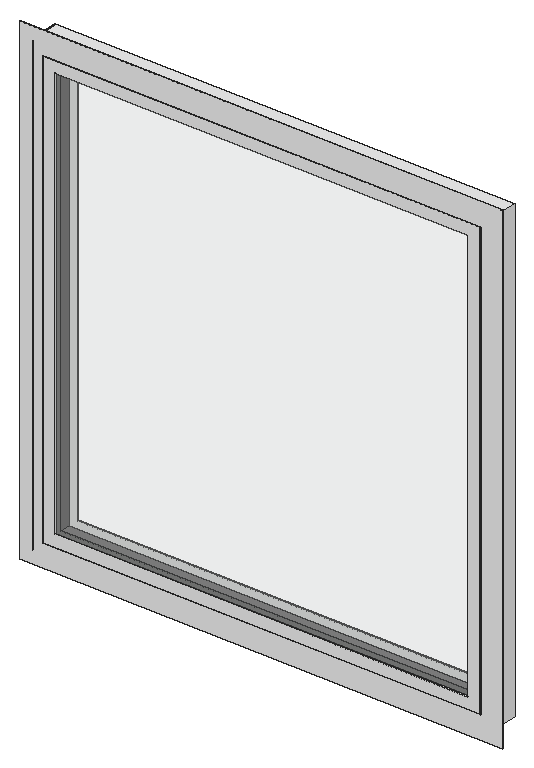
Revit family "Casement_36_E_Top_Hung_Custom", category Windows, host Wall, Revit 2014
Parameters (values of type "Casement_Sash_DG")
  Width Sash [instance] = 30 mm
  Width Sash Inner = 15 mm
  Width Bead = 15 mm
  Top Hung [instance] = yes
  Side Hung Right [instance] = yes
  Side Hung Left [instance] = yes
  Sash Opening Width [instance] = 600 mm
  Sash Opening Height [instance] = 600.312 mm
  Sash Lip = 15 mm
  Glazing Material [instance] = Glass
  DG Start Piece 2 [instance] = DG End Piece 1 + DG Gasket Thickness  # 25 mm
  DG Start Peice 1 [instance] = (Depth Sash - (2 * DG Glazing Thickness) - DG Gasket Thickness) / 2  # 6.6 mm
  Glazing Offset = 5 mm
  DG Glazing Thickness [instance] = 6.4 mm
  DG Gasket Thickness = 12 mm  # constant formula
  DG Gasket Material [instance] = Double Glazing Gasket Material
  DG End Piece 2 [instance] = DG Start Piece 2 + DG Glazing Thickness  # 31.4 mm
  DG End Piece 1 [instance] = DG Start Peice 1 + DG Glazing Thickness  # 13 mm
  Depth Sash [instance] = 38 mm
  Center Vertical Sash [instance] = Sash Opening Height / 2  # 300.156 mm
  Center Horizontal Sash [instance] = Sash Opening Width / 2  # 300 mm
  Bottom Hung [instance] = yes
  Bead Offset = 15 mm
  Aluminium Thickness = 1 mm
  Aluminium Material [instance] = White Powder Coated Aluminium
Reference planes
  plane 1 "Center (Front/Back)": y = 0
  plane 2: z = 0
  plane 3 "Center (Left/Right)": x = 0
Forms (mm)
  Sweep 1, solid, material "White Powder Coated Aluminium" <- "Aluminium Material"
    path origin (16.177, 0, 121.331) x (1, 0, 0) y (0, 0, 1)
      loop
        line (0, 0) -> (600, 0) -> (600, 600.312) -> (0, 600.312) -> (0, 0)
    profile origin (316.177, 0, 121.331) x (0, 0, 1) y (0, -1, 0)
      loop
        line (0, 0) -> (30, 0) -> (30, 1) -> (15, 1) -> (15, 38) -> (-15, 38) -> (-15, 37) -> (0, 37) -> (0, 0)
      loop
        line (14, 1) -> (14, 37) -> (1, 37) -> (1, 1) -> (14, 1)
  Sweep 2, solid, material "White Powder Coated Aluminium" <- "Aluminium Material"
    path origin (0, 0, 0) x (1, 0, 0) y (0, 0, 1)
      loop
        line (31.177, 706.643) -> (31.177, 136.331) -> (601.177, 136.331) -> (601.177, 706.643) -> (31.177, 706.643)
    profile origin (316.177, 0, 706.643) x (0, 0, 1) y (0, -1, 0)
      loop
        line (0, 37) -> (0, 38) -> (-15, 38) -> (-15, 37) -> (0, 37)
  Extrusion 3, solid, material "Glass" <- "Glazing Material"
    sketch origin (0, 0, 0) x (1, 0, 0) y (0, 0, 1)
      loop
        line (36.177, 701.643) -> (36.177, 141.331) -> (596.177, 141.331) -> (596.177, 701.643) -> (36.177, 701.643)
    from 6.6 <- "DG Start Peice 1" to 13 <- "DG End Piece 1"
  Extrusion 4, solid, material "Glass" <- "Glazing Material"
    sketch origin (0, 0, 0) x (1, 0, 0) y (0, 0, 1)
      loop
        line (36.177, 701.643) -> (36.177, 141.331) -> (596.177, 141.331) -> (596.177, 701.643) -> (36.177, 701.643)
    from 31.4 <- "DG End Piece 2" to 25 <- "DG Start Piece 2"
  Sweep 5, solid, material "Double Glazing Gasket Material" <- "DG Gasket Material"
    path origin (0, -13, 0) x (1, 0, 0) y (0, 0, 1)
      loop
        line (36.177, 701.643) -> (36.177, 141.331) -> (596.177, 141.331) -> (596.177, 701.643) -> (36.177, 701.643)
    profile origin (316.177, -13, 701.643) x (0, 0, 1) y (0, -1, 0)
      loop
        line (0, 0) -> (0, 12) -> (-7.96, 12) -> (-7.96, 0) -> (0, 0)
Lines and regions (mm)
  model lines
    curve 1: line (1.177, -38, 736.643) -> (31.177, -38, 706.643)
    curve 2: line (601.177, -38, 706.643) -> (631.177, -38, 736.643)
    curve 3: line (601.177, -38, 136.331) -> (631.177, -38, 106.331)
    curve 4: line (1.177, -38, 106.331) -> (31.177, -38, 136.331)
    curve 5: line (631.177, -37, 736.643) -> (616.177, -37, 721.643)
    curve 6: line (1.177, -37, 736.643) -> (16.177, -37, 721.643)
    curve 7: line (1.177, -37, 106.331) -> (16.177, -37, 121.331)
    curve 8: line (631.177, -37, 106.331) -> (616.177, -37, 121.331)
    curve 9: line (616.177, 0, 121.331) -> (586.177, 0, 151.331)
    curve 10: line (46.177, 0, 151.331) -> (16.177, 0, 121.331)
    curve 11: line (616.177, 0, 721.643) -> (586.177, 0, 691.643)
    curve 12: line (46.177, 0, 691.643) -> (16.177, 0, 721.643)
    curve 13: line (31.177, -38, 691.643) -> (46.177, -38, 691.643)
    curve 14: line (586.177, -38, 691.643) -> (601.177, -38, 691.643)
    curve 15: line (586.177, -38, 151.331) -> (601.177, -38, 151.331)
    curve 16: line (31.177, -38, 151.331) -> (46.177, -38, 151.331)
  model lines, style "GenericModelHiddenLines", visible <- "Top Hung"
    curve 17: line (46.386, -31.4, 690.914) -> (316.177, -31.4, 151.331)
    curve 18: line (316.177, -31.4, 151.331) -> (586.177, -31.4, 691.331)
  model lines, style "GenericModelHiddenLines", visible <- "Bottom Hung"
    curve 19: line (46.177, -31.4, 151.331) -> (316.177, -31.4, 691.331)
    curve 20: line (316.177, -31.4, 691.331) -> (586.177, -31.4, 151.331)
  model lines, style "GenericModelHiddenLines", visible <- "Side Hung Left"
    curve 21: line (46.386, -31.4, 690.914) -> (585.24, -31.4, 421.487)
    curve 22: line (585.24, -31.4, 421.487) -> (46.177, -31.4, 151.331)
  model lines, style "GenericModelHiddenLines", visible <- "Side Hung Right"
    curve 23: line (586.177, -31.4, 691.331) -> (46.177, -31.4, 421.487)
    curve 24: line (46.177, -31.4, 421.487) -> (586.177, -31.4, 151.331)
Dimensions and locks
  "Aluminium Thickness": Sweep 1 sketch curve to Sweep 1 sketch curve  (x4)
  "Depth Sash": Sweep 1 sketch curve to Sweep 1 sketch curve
  "Sash Opening Width": Sweep 1 to Sweep 1
  "Sash Opening Height": Sweep 1 to Sweep 1
  "Width Sash": Sweep 1 sketch curve to Sweep 1 sketch curve  (x2)
  "Width Sash Inner": Sweep 1 sketch curve to Sweep 1 sketch curve
  "Sash Lip": Sweep 1 sketch curve to Sweep 1 sketch curve
  "Aluminium Thickness": Sweep 1 to Sweep 2 sketch curve
  "Glazing Offset": Sweep 2 to Extrusion 3 sketch curve  (x3)
  "Glazing Offset": Extrusion 3 sketch curve to Sweep 2
  Sweep 1 to Sweep 1 = 1 mm
  "Aluminium Thickness": Sweep 2 sketch curve to Sweep 2 sketch curve
  "Width Bead": Sweep 2 sketch curve to Sweep 2 sketch curve
  locked: Sweep 5 sketch curve to Sweep 5 sketch curve at 7.96
  "Center Horizontal Sash": Sweep 1 to curve 18
  "Center Horizontal Sash": Sweep 1 to curve 20
  "Center Vertical Sash": Sweep 1 to curve 22
  "Center Vertical Sash": Sweep 1 to curve 24
  aligned and locked: level to plane 2
  aligned and locked: Sweep 1 sketch curve to Sweep 1 sketch curve  (x2)
  aligned and locked: Sweep 2 sketch curve to Sweep 1  (x5)
  aligned and locked: Extrusion 4 sketch curve to Extrusion 3  (x4)
  aligned and locked: Sweep 5 sketch curve to Extrusion 3  (x5)
  aligned and locked: Extrusion 3 to Sweep 5 sketch curve
Automatic sketch dimensions
  plane 3 "Center (Left/Right)" to Sweep 1 sketch curve = 16.177 mm
  level to Sweep 1 sketch curve = 121.331 mm
  plane 3 "Center (Left/Right)" to Sweep 1 sketch curve = 616.177 mm
  level to Sweep 1 sketch curve = 721.643 mm
  profile plane to Sweep 5 sketch curve = 12 mm
  curve 7 to Sweep 1 = 0 mm  (x4)
  curve 6 to Sweep 1 = 0 mm  (x3)
  Sweep 1 to curve 6 = 0 mm
  curve 5 to Sweep 1 = 0 mm  (x3)
  curve 8 to Sweep 1 = 0 mm  (x4)
  Sweep 1 to curve 5 = 0 mm
  curve 16 to Sweep 2 = 0 mm  (x3)
  curve 13 to Sweep 2 = 0 mm  (x3)
  curve 15 to Sweep 2 = 0 mm
  Sweep 2 to curve 15 = 0 mm  (x2)
  curve 14 to Sweep 2 = 0 mm  (x2)
  Sweep 2 to curve 14 = 0 mm
  curve 1 to Sweep 1 = 0 mm  (x4)
  curve 4 to Sweep 1 = 0 mm  (x3)
  Sweep 1 to curve 4 = 0 mm
  curve 3 to Sweep 1 = 0 mm  (x3)
  curve 2 to Sweep 1 = 0 mm  (x4)
  Sweep 1 to curve 3 = 0 mm
  curve 10 to Sweep 1 = 0 mm  (x4)
  curve 12 to Sweep 1 = 0 mm  (x3)
  Sweep 1 to curve 12 = 0 mm
  curve 9 to Sweep 1 = 0 mm  (x4)
  curve 11 to Sweep 1 = 0 mm  (x3)
  Sweep 1 to curve 11 = 0 mm
  Sweep 1 sketch curve to plane 1 "Center (Front/Back)" = 0 mm
  profile plane to Sweep 1 sketch curve = 0 mm
  curve 21 to Extrusion 4 = 10.208 mm
  curve 19 to Extrusion 4 = 10 mm
  curve 23 to Extrusion 4 = 10 mm  (x2)
  curve 22 to Extrusion 4 = 10.937 mm
  curve 20 to Extrusion 4 = 10 mm
  curve 24 to Extrusion 4 = 10 mm
  curve 22 to Extrusion 4 = 10 mm
  curve 18 to Extrusion 4 = 10 mm
  curve 21 to Extrusion 4 = 10.729 mm
  curve 19 to Extrusion 4 = 10.312 mm
  curve 18 to Extrusion 4 = 10.312 mm
